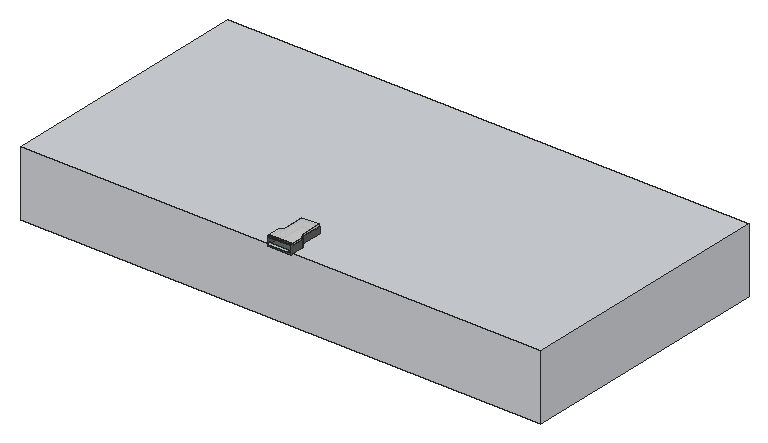
Revit family "Cassette fibre optique à splicer pour panneau modulaire HD", category Installations électriques, Revit 2020
Family settings
  Hôte = Face
  Conserver l'orientation des annotations = Non
  Cote de connecteur circulaire = Utiliser le diamètre
  Type d'élément = Normal
  Couper avec des vides une fois chargée = Non
  Partagée = Oui
  Point de calcul de pièce = Non
Parameters
  Référence Legrand = "LG-032141"
  Longueur = 185 mm
  Lien e-catalogue = "https://www.legrand.fr/reference/032141/pro"
  Libellé BIM = "Legrand FIBER PATCH PANELS"
  Largeur (mm) = 110.3 mm
  Hauteur (mm) = 43.7 mm
  Fonction = "Cassette fibre optique à splicer"
  EAN = "3414970962126"
  Conditions Générale d'Utilisation = "https://export.legrand.com/CGU-objets-BIM"
  Fabricant = "LEGRAND"
  Default Elevation = 1219.2 mm
  Description = "Cassette fibre optique à splicer pour panneau modulaire HD"
  Classe d'application = "EC000762"
Reference planes
  plane 1 "Centre (avant/arrière)": y = 0
  plane 2: z = 0
  plane 3 "Centre (gauche/droite)": x = 0
Forms (mm)
  Extrusion 1, solid
    sketch origin (0, 0, 0) x (1, 0, 0) y (0, 1, 0)
      loop
        line (-1219.2, 1219.2) -> (-1219.2, 0) -> (1219.2, 0) -> (1219.2, 1219.2) -> (-1219.2, 1219.2)
    from 0 to -304.8
  Extrusion 2, solid, material "LEGRAND - Noir 9017"
    sketch origin (0, -6, 0) x (1, 0, 0) y (0, 1, 0)
      loop
        line (-40.459, 185) -> (-40.459, 87.623) -> (-55.15, 67.402) -> (-55.15, 0) -> (55.15, 0) -> (55.15, 67.402) -> (40.459, 87.623) -> (40.459, 185) -> (-40.459, 185)
    from 0 to 31.7
  Extrusion 3, solid, material "LEGRAND - Plastique translucide"
    sketch origin (0, -6, 31.7) x (1, 0, 0) y (0, 1, 0)
      loop
        line (-40.459, 185) -> (-40.459, 87.623) -> (-55.15, 67.402) -> (-55.15, 9) -> (55.15, 9) -> (55.15, 67.402) -> (40.459, 87.623) -> (40.459, 185) -> (-40.459, 185)
    from 0 to 9
  Extrusion 4, solid, material "LEGRAND - Noir 9017"
    sketch origin (0, -6, 31.7) x (1, 0, 0) y (0, 1, 0)
      loop
        line (-55.15, 9) -> (-55.15, 0) -> (55.15, 0) -> (55.15, 9) -> (-55.15, 9)
    from 0 to 9
  Extrusion 5, void
    sketch origin (0, -6, 0) x (1, 0, 0) y (0, 1, 0)
      loop
        line (38.459, 183) -> (-38.459, 183) -> (-38.459, 86.974) -> (-53.15, 66.753) -> (-53.15, -10) -> (53.15, -10) -> (53.15, 66.753) -> (38.459, 86.974) -> (38.459, 183)
    from 4.525 to 38
  Extrusion 6, solid, material "LEGRAND - Bleu"
    sketch origin (0, -5.6, 0) x (1, 0, 0) y (0, 1, 0)
      loop
        line (-53.15, -0.4) -> (53.15, -0.4) -> (53.15, 1.6) -> (-53.15, 1.6) -> (-53.15, -0.4)
    from 4.5 to 15
  Extrusion 7, solid, material "LEGRAND - Noir 9017"
    sketch origin (0, 0, 0) x (1, 0, 0) y (0, 1, 0)
      loop
        line (-55.15, 0) -> (-55.15, -6) -> (55.15, -6) -> (55.15, 0) -> (-55.15, 0)
    from -3 to 0
Cuts and joins
  Extrusion 5 cuts Extrusion 2
  Extrusion 5 cuts Extrusion 4
  joined: Extrusion 2, Extrusion 4, Extrusion 7
  Extrusion 5 cuts Extrusion 3
Dimensions and locks
  aligned and locked: plane 2 to Extrusion 1
  aligned and locked: level to Extrusion 1
Connectors
  electrical at (0, 179, 15.85)
    settings: on cut or joined group of Extrusion 2, Extrusion 4, Extrusion 5, Extrusion 7, index 1, voltage 0 V, apparent load 0 VA, apparent load phase1 0 VA, apparent load phase2 0 VA, apparent load phase3 0 VA, power factor 1, load classification "Autre", number of poles 1, system type 31, power factor state 1, is connector primary yes, connector utility no, sub classification motor no, connector description ""
